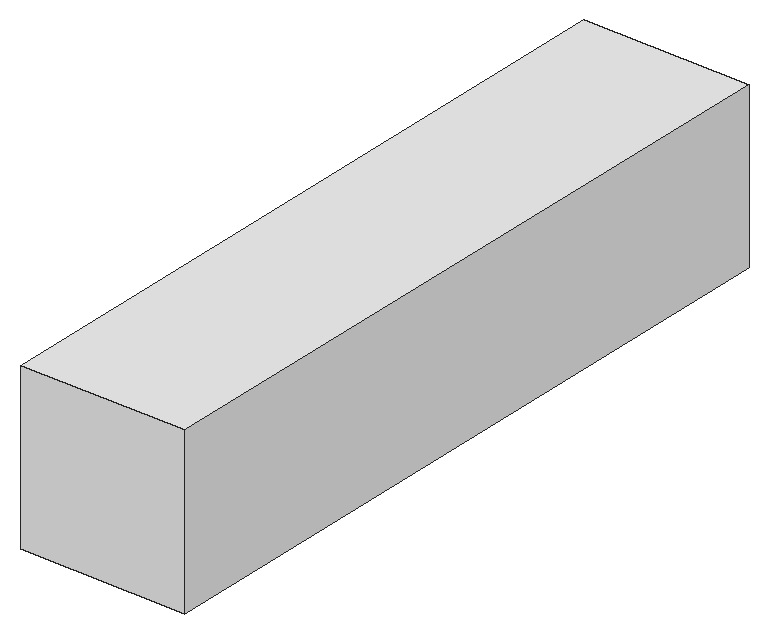
Revit family "Sanitary_Accessories_57102-PRESTO-Linea-Wall-mounted-single-sensor-tap-FR", category Pipe Accessories, Revit 2018
Family settings
  Round Connector Dimension = Use Diameter
  Part Type = Normal
  Work Plane-Based = No
  Always vertical = Yes
  Cut with Voids When Loaded = No
  Shared = No
Parameters (values of type "57102 PRESTO Linea  - Robinet simple électronique mural pour lavabo")
  Youtube clip = ""
  Weight Net (Kg) = ""
  Uniformat II Description = ""
  Uniformat II Code = ""
  Uniclass 2015 Name = ""
  Uniclass 2015 Code = ""
  Uniclass 2.0 Description = ""
  Uniclass 2.0 Code = ""
  Uniclass 1.4 Description = ""
  Uniclass 1.4 Code = ""
  URL du produit = "http://www.prestodatashare.com/centretelechargement/index.php?lang=FR&refs=57102"
  URL = "http://www.presto.fr"
  UNSPSC Code = ""
  Technical description = "http://www.prestodatashare.com/espacedoc/Fiches_Techniques/GB/57102.pdf"
  Region South America = ""
  Region Oceania = ""
  Region North America = ""
  Region Middle East = ""
  Region Europe = ""
  Region Asia = ""
  Region Antarctica = ""
  Region Africa = ""
  Raccordement = "Alimentation hydraulique : G 1/2'' (15x21)\r\nVanne d'arrêt intégrée\r\nAlimentation électrique : Pile lithium 6V CR123 intégrée dans le corps du robinet"  # constant formula
  QR code = "https://www.bimobject.com/presto/product/pre-linea-57102"
  Profondeur = 257.5 mm  # constant formula
  Product url = "http://www.prestodatashare.com/centretelechargement/index.php?lang=GB&refs=57102"
  Product name = "57102 PRESTO Linea - Wall-mounted single sensor tap"
  Product group = "Washbasin"
  Product family = "Sanitary"
  Product data url = "https://www.bimobject.com/presto/product/pre-linea-57102"
  Product certification = ""
  Product SKU = "PRE-LINEA-57102"
  Product Guid = "065f7123-3519-420e-bc47-31aba27606c5"
  Pression [instance] = "1 à 5 bars"  # constant formula
  Perte de charge [instance] = 5.00 bar
  OmniClass Description = ""
  OmniClass Code = ""
  NBS Reference Description = ""
  NBS Reference Code = ""
  Model = "57102"
  Matériau [instance] = Corps en laiton chromé, intérieur lisse
  Masterformat 2014 Description = ""
  Masterformat 2014 Code = ""
  Manufacturer name = "Presto"
  Manufacturer country = ""
  Manufacturer = "LES ROBINETS PRESTO S.A."  # constant formula
  Lien notice d'utilisation = "http://www.prestodatashare.com/centretelechargement/support.php?ref=57102&lang=FR"
  Lien fiche produit = "http://www.prestodatashare.com/espacedoc/Fiches_Techniques/FR/57102.pdf"
  Lien CCTP = "http://www.prestodatashare.com/centretelechargement/index.php?lang=FR&refs=57102"
  Largeur = 60 mm  # constant formula
  Installation instructions = "http://www.prestodatashare.com/centretelechargement/support.php?ref=57102&lang=GB"
  IFC Classification = ""
  Hauteur = 60 mm  # constant formula
  Garantie = "10 ans"  # constant formula
  Fonction = "Débit : 1,9 l/mn par régulateur de débit intégré\r\nAérateur anti-tartre haute qualité"  # constant formula
  Flux = 1.9 L/min
  Edition number = 1
  EAN code = ""
  Diamètre Nominal = 12.7 mm  # constant formula
  Design country = ""
  Description = "Applique, Pile, 1,9l/min\r\nDéclenchement sans contact adapté PMR"  # constant formula
  Date of publishing = ""
  COBIe Type Category = ""
  Brand url = ""
  BIMobject category = "Sanitary Accessories"
  Adresse = "7, RUE RACINE - 92542 MONTROUGE CEDEX FRANCE"  # constant formula
Reference planes
  plane 1 "Center (Front/Back)": y = 0
  plane 2: z = 0
  plane 3 "Center (Left/Right)": x = 0
  plane 4: x = -30
  plane 5: x = 30
  plane 6: y = -257.5
  plane 7: z = 60
Forms (mm)
  Extrusion 1, solid, material "Corps en laiton chromé, intérieur lisse" <- "Matériau", detail levels fine
    sketch origin (0, 0, 0) x (1, 0, 0) y (0, 1, 0)
      loop
        line (-30, 0) -> (-30, -257.5) -> (30, -257.5) -> (30, 0) -> (-30, 0)
    from 0 to 60
Lines and regions (mm)
  symbolic lines
    curve 1: line (-30, 0, 0) -> (30, 0, 0)
    curve 2: line (30, 0, 0) -> (-30, -257.5, 0)
    curve 3: line (-30, -257.5, 0) -> (30, -257.5, 0)
    curve 4: line (30, -257.5, 0) -> (-30, 0, 0)
  model lines, detail levels coarse+medium
    curve 5: line (-30, -257.5, 30) -> (30, -257.5, 30)
    curve 6: line (30, -257.5, 30) -> (-30, 0, 30)
    curve 7: line (-30, 0, 30) -> (30, 0, 30)
    curve 8: line (30, 0, 30) -> (-30, -257.5, 30)
Dimensions and locks
  equal spacing: plane 4, plane 3 "Center (Left/Right)", plane 5
  "Largeur": plane 4 to plane 5
  "Hauteur": plane 7 to level
  "Profondeur": plane 6 to plane 1 "Center (Front/Back)"
  aligned and locked: plane 2 to level
  aligned and locked: Extrusion 1 sketch curve to plane 4
  aligned and locked: plane 5 to Extrusion 1 sketch curve
  aligned and locked: Extrusion 1 sketch curve to plane 6
  aligned and locked: plane 7 to Extrusion 1
  aligned and locked: Extrusion 1 to plane 1 "Center (Front/Back)"
  aligned and locked: plane 6 to Extrusion 1
  aligned and locked: plane 4 to curve 4
  aligned and locked: curve 3 to plane 4
  aligned and locked: plane 5 to curve 2
  aligned and locked: plane 5 to curve 4
  aligned and locked: plane 6 to curve 4
  aligned and locked: plane 6 to curve 3
  aligned and locked: plane 1 "Center (Front/Back)" to curve 4
  aligned and locked: plane 1 "Center (Front/Back)" to curve 2
Automatic sketch dimensions
  plane 1 "Center (Front/Back)" to Extrusion 1 sketch curve = 0 mm
  curve 8 to plane 4 = 0 mm
  plane 1 "Center (Front/Back)" to curve 7 = 0 mm
  curve 7 to plane 4 = 0 mm
  curve 7 to plane 5 = 0 mm
  curve 6 to plane 5 = 0 mm
  plane 6 to curve 5 = 0 mm
Connectors
  piping at (0, 0, 30), diameter 12.7, driven by "Diamètre Nominal", driven by "Flux", driven by "Perte de charge"
    settings: on Extrusion 1, index 1, connector inside diameter 24", connector length 0 mm, flow factor 0, pipe flow 1.9 L/min, pressure drop 5.00 bar, fitting loss kfactor 0, connector angle 0.00°, fixture units 0, engagement length 0 mm, angle of deflection 0.00°, flow configuration 0, flow direction 1, fitting loss method 4, system type 20, joint type 0, gender type 0, connector reference index -1, connector utility 0, adjustable connector no, is connector primary yes, connector description "Water input"
